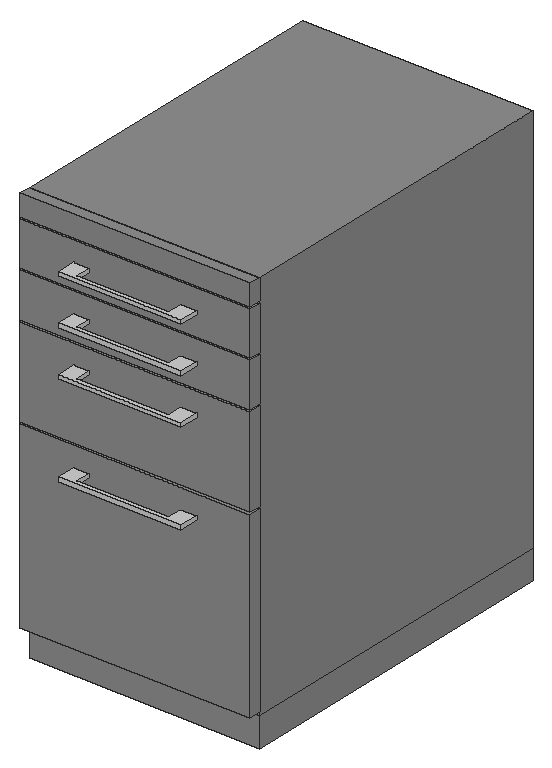
Revit family "Haworth_XSeries_Pedestal", category Furniture Systems, Revit 2019
Family settings
  Round Connector Dimension = Use Diameter
  Part Type = Normal
  OmniClass Number = 23.40.70.14.64.21
  OmniClass Title = Systems Furniture
  Work Plane-Based = No
  Always vertical = Yes
  Cut with Voids When Loaded = No
  Shared = No
  Room Calculation Point = No
Parameters (values of type "23d 15w 27h - Pencil Pencil Box File - Suspended")
  Warranty = "https://cdn.shopify.com/s/files/1/0561/5304/7249/files/Haworth_North_America_Online_Warranty_2022.pdf?v=1660247284"
  URL - Product = "https://www.haworth.com/na/en/products/active-storage/x-series.html"
  URL = "http://www.haworth.com/"
  Tug = no
  Total Drawer Height = Actual Height - 1 3/4" - 1 1/2" - 1/8"  # 24 1/8"
  Taper Pull = no
  Sustainability Info = "https://www.haworth.com/na/en/expertise/research/sustainability.html"
  Size = "Verify Final Dim. w/ Haworth"  # constant formula
  Revision Number = "5"  # constant formula
  Radius Pull = no
  Pull Finish = Haworth _ Metal _ Brushed Aluminum
  Plynth Base = yes
  Pencil Pencil Box File = yes
  Pencil Box File = no
  Model = "JPHQ-24"  # constant formula
  Min. Height = 21 1/2"  # constant formula
  Min. Depth = 17"  # constant formula
  Max. Depth = 29"  # constant formula
  Max. Height = 27 3/4"  # constant formula
  Manufacturer = "Haworth"  # constant formula
  Linear Pull = yes
  J Pull = no
  File File = no
  Ellipse Pull = no
  Drawer Finish [instance] = Haworth _ Paint _ Graphite
  Drawer 4 Height = 2 7/8"  # constant formula
  Drawer 3 Offset = if(Pencil Pencil Box File, 3 1/8", 1/8")  # 3 1/8"
  Drawer 3 Height = if(Box Box File, 5 7/8", 2 7/8")  # 2 7/8"
  Drawer 2 Height = if(File File, Drawer 1 Height, 5 7/8")  # 5 7/8"
  Drawer 1 Height = 11 7/8"  # constant formula
  Description = "Haworth XSeries Pedestal"  # constant formula
  Depth = 23"
  Custom Size = not(or(Depth = 17", Depth = 23", Depth = 29"))  # no
  Cushion Finish [instance] = Haworth _ Fabric _ Tellure _ Miami 3A-33
  Cushion = no
  Crescent Pull = no
  Classic Pull = no
  Casters = not(Plynth Base)  # no
  Cabinet Finish [instance] = Haworth _ Paint _ Graphite
  Box File = not(or(Pencil Box File, Box Box File, Pencil Pencil Box File, File File))  # no
  Box Box File = no
  Author = "Haworth (Hampton), SHAPE Environments, LLC"  # constant formula
  Assembly Code = "E2020200"
  Actual Width = 15"  # constant formula
  Actual Height = if(Box File, 21 1/2", if(Pencil Box File, 24 1/2", 27 1/2"))  # 27 1/2"
  Actual Depth = if(Depth < Min. Depth, Min. Depth, if(Depth > Max. Depth, Max. Depth, Depth))  # 23"
  4 Drawers = Pencil Pencil Box File  # yes
  3 Drawers = or(Pencil Box File, Box Box File, Pencil Pencil Box File)  # yes
  2 Drawers = or(Box File, File File, Pencil Box File, Box Box File, Pencil Pencil Box File)  # yes
  Standard Depths = "17, 23, 29 in"  # constant formula
  Standard Heights = if(Box File, "21.5 in.", if(Pencil Box File, "24.5 in.", "27.5 in."))  # "27.5 in."
Types (10): name | Total Drawer Height | Plynth Base | Pencil Pencil Box File | Pencil Box File | File File | Drawer 3 Offset | Drawer 3 Height | Drawer 2 Height | Cushion | Casters | Box File | Box Box File | Actual Height | 4 Drawers | 3 Drawers | Standard Heights
  23d 15w 27h - Pencil Pencil Box File - Mobile | 24 1/8" | no | yes | no | no | 3 1/8" | 2 7/8" | 5 7/8" | yes | yes | no | no | 27 1/2" | yes | yes | "27.5 in."
  23d 15w 21h - Box File - Mobile | 18 1/8" | no | no | no | no | 1/8" | 2 7/8" | 5 7/8" | yes | yes | yes | no | 21 1/2" | no | no | "21.5 in."
  23d 15w 24h - Pencil Box File - Mobile | 21 1/8" | no | no | yes | no | 1/8" | 2 7/8" | 5 7/8" | yes | yes | no | no | 24 1/2" | no | yes | "24.5 in."
  23d 15w 27h - Box Box File - Mobile | 24 1/8" | no | no | no | no | 1/8" | 5 7/8" | 5 7/8" | yes | yes | no | yes | 27 1/2" | no | yes | "27.5 in."
  23d 15w 27h - File File - Mobile | 24 1/8" | no | no | no | yes | 1/8" | 2 7/8" | 11 7/8" | yes | yes | no | no | 27 1/2" | no | no | "27.5 in."
  23d 15w 27h - Box Box File - Suspended | 24 1/8" | yes | no | no | no | 1/8" | 5 7/8" | 5 7/8" | no | no | no | yes | 27 1/2" | no | yes | "27.5 in."
  23d 15w 24h - Pencil Box File - Suspended | 21 1/8" | yes | no | yes | no | 1/8" | 2 7/8" | 5 7/8" | no | no | no | no | 24 1/2" | no | yes | "24.5 in."
  23d 15w 21h - Box File - Suspended | 18 1/8" | yes | no | no | no | 1/8" | 2 7/8" | 5 7/8" | no | no | yes | no | 21 1/2" | no | no | "21.5 in."
  23d 15w 27h - Pencil Pencil Box File - Suspended | 24 1/8" | yes | yes | no | no | 3 1/8" | 2 7/8" | 5 7/8" | no | no | no | no | 27 1/2" | yes | yes | "27.5 in."
  23d 15w 27h - File File - Suspended | 24 1/8" | yes | no | no | yes | 1/8" | 2 7/8" | 11 7/8" | no | no | no | no | 27 1/2" | no | no | "27.5 in."
Reference planes (in)
  plane 1 "Back": y = 0
  plane 2: z = 0
  plane 3 "Center L/R": x = 0
  plane 4 "Left": x = -7.5
  plane 5 "Right": x = 7.5
  plane 6 "Front": y = -23
  plane 7 "Back of Drawers": y = -22.25
  plane 8 "Base of Cabinet": z = 1.875
  plane 9 "Top": z = 27.5
  plane 10 "Bottom of Keyed": z = 26.125
  plane 11 "Back Caster": y = -1.75
  plane 12 "Left Caster": x = -5.25
  plane 13 "Right Caster": x = 5.25
  plane 14 "Front Caster": y = -20.5
  plane 15 "Center F/B": y = -11.5
  plane 16: y = -38.00051
  plane 17: through (-0.0519, -38.00051, -82.54467) normal (0, 0.4384, -0.8988)
  plane 18: y = -37.75051
  plane 19 "Tug Location": z = 26.8125
Forms (in)
  Extrusion 1, solid, material "Haworth _ Paint _ Graphite" <- "Cabinet Finish"
    sketch origin (0, 0, 0) x (1, 0, 0) y (0, 1, 0)
      loop
        line (-7.5, 0) -> (-7.5, -22.25) -> (7.5, -22.25) -> (7.5, 0) -> (-7.5, 0)
    from 1.875 to 27.5
  Extrusion 2, solid, material "Haworth _ Paint _ Graphite" <- "Drawer Finish"
    sketch origin (0, 0, 0) x (1, 0, 0) y (0, 1, 0)
      loop
        line (-7.5, -23) -> (7.5, -23) -> (7.5, -22.25) -> (-7.5, -22.25) -> (-7.5, -23)
    from 26.125 to 27.5
  Extrusion 3, solid, material "Haworth _ Paint _ Graphite" <- "Cabinet Finish", visible <- "Plynth Base"
    sketch origin (0, 0, 0) x (1, 0, 0) y (0, 1, 0)
      loop
        line (-7.5, 0) -> (-7.5, -22.25) -> (7.5, -22.25) -> (7.5, 0) -> (-7.5, 0)
    from 0 to 1.875
Lines and regions (in)
  Masking region 1
    outline origin (0, 0, 27.5) x (-1, 0, 0) y (0, -1, 0)
      loop
        line (7.5, 0) -> (7.5, 23) -> (-7.5, 23) -> (-7.5, 0) -> (7.5, 0)
Dimensions and locks (in)
  equal spacing: plane 4 "Left", plane 3 "Center L/R", plane 5 "Right"
  "Actual Width": plane 4 "Left" to plane 5 "Right"
  "Actual Depth": plane 1 "Back" to plane 6 "Front"
  locked: plane 7 "Back of Drawers" to plane 6 "Front" at 0.75
  locked: plane 8 "Base of Cabinet" to level at 1.875
  "Actual Height": plane 9 "Top" to level
  locked: plane 9 "Top" to plane 10 "Bottom of Keyed" at 1.375
  locked: plane 1 "Back" to plane 11 "Back Caster" at 1.75
  locked: plane 4 "Left" to plane 12 "Left Caster" at 2.25
  locked: plane 13 "Right Caster" to plane 5 "Right" at 2.25
  locked: plane 14 "Front Caster" to plane 7 "Back of Drawers" at 1.75
  equal spacing: plane 1 "Back", plane 15 "Center F/B", plane 6 "Front"
  equal spacing: plane 9 "Top", plane 19 "Tug Location", plane 10 "Bottom of Keyed"
  locked: nested 10 to nested 7 at 0.125
  locked: nested 7 to plane 8 "Base of Cabinet" at 0.25
  locked: plane 10 "Bottom of Keyed" to nested 8 at 0.125
  "Drawer 3 Offset": plane 10 "Bottom of Keyed" to nested 9
  aligned and locked: plane 4 "Left" to Extrusion 1 sketch curve
  aligned and locked: plane 1 "Back" to Extrusion 1 sketch curve
  aligned and locked: plane 7 "Back of Drawers" to Extrusion 1 sketch curve
  aligned and locked: plane 5 "Right" to Extrusion 1 sketch curve
  aligned and locked: plane 9 "Top" to Extrusion 1
  aligned and locked: Extrusion 1 to plane 8 "Base of Cabinet"
  aligned and locked: plane 4 "Left" to Extrusion 2 sketch curve
  aligned and locked: Extrusion 2 sketch curve to plane 6 "Front"
  aligned and locked: Extrusion 2 sketch curve to plane 5 "Right"
  aligned and locked: plane 7 "Back of Drawers" to Extrusion 2 sketch curve
  aligned and locked: plane 9 "Top" to Extrusion 2
  aligned and locked: Extrusion 2 to plane 10 "Bottom of Keyed"
  aligned and locked: plane 12 "Left Caster" to nested 1
  aligned and locked: nested 1 to plane 11 "Back Caster"
  aligned and locked: nested 2 to plane 13 "Right Caster"
  aligned and locked: plane 14 "Front Caster" to nested 4
  aligned and locked: plane 12 "Left Caster" to nested 3
  aligned and locked: nested 3 to plane 14 "Front Caster"
  aligned and locked: nested 4 to plane 13 "Right Caster"
  aligned and locked: plane 11 "Back Caster" to nested 2
  aligned: plane 3 "Center L/R" to nested 5
  aligned: nested 5 to plane 15 "Center F/B"
  aligned and locked: plane 3 "Center L/R" to nested 5
  aligned and locked: plane 15 "Center F/B" to nested 5
  aligned and locked: nested 5 to plane 9 "Top"
  aligned and locked: plane 5 "Right" to Extrusion 3 sketch curve
  aligned and locked: plane 7 "Back of Drawers" to Extrusion 3 sketch curve
  aligned and locked: plane 4 "Left" to Extrusion 3 sketch curve
  aligned and locked: plane 1 "Back" to Extrusion 3 sketch curve
  aligned and locked: plane 8 "Base of Cabinet" to Extrusion 3
  aligned and locked: plane 3 "Center L/R" to nested 6
  aligned and locked: nested 6 to plane 6 "Front"
  aligned and locked: plane 19 "Tug Location" to nested 6
  aligned and locked: plane 3 "Center L/R" to nested 7
  aligned: plane 8 "Base of Cabinet" to nested 7
  aligned and locked: nested 7 to plane 7 "Back of Drawers"
  aligned: plane 10 "Bottom of Keyed" to nested 8
  aligned and locked: nested 10 to plane 7 "Back of Drawers"
  aligned and locked: nested 9 to plane 7 "Back of Drawers"
  aligned and locked: nested 8 to plane 7 "Back of Drawers"
  aligned and locked: nested 5 to Masking region 1 sketch curve
  aligned and locked: Masking region 1 sketch curve to Extrusion 1
  aligned and locked: Extrusion 2 to Masking region 1 sketch curve
  aligned and locked: Masking region 1 sketch curve to nested 5
  aligned and locked: Extrusion 3 to plane 2
Nested families (in)
  nested 1: "Haworth_Caster" at (-5.25, -1.75, 0), visible <- "Casters", type "Caster"
  nested 2: "Haworth_Caster" at (5.25, -1.75, 0) x (-1, 0, 0) z (0, 0, 1), visible <- "Casters", type "Caster"
  nested 3: "Haworth_Caster" at (-5.25, -20.5, 0), visible <- "Casters", type "Caster"
  nested 4: "Haworth_Caster" at (5.25, -20.5, 0) x (-1, 0, 0) z (0, 0, 1), visible <- "Casters", type "Caster"
  nested 5: "Haworth_Cushion" at (0, -11.5, -3.5), visible <- "Cushion", type "Haworth_Cushion"
    with Actual Width 15", Actual Depth 23"
  nested 6: "Haworth Tug" at (0, -23, 26.8125), visible <- "Tug", type "Haworth Tug"
  nested 7: "Haworth_Drawer" at (0, -22.25, 2.125), Drawer Height <- "Drawer 1 Height", type "Haworth_Drawer"
    with J Pull Drawer no, Drawer Height 11 7/8", Pull Linear yes, Pull Height 1 7/16", Pull Ellipse no, Drawer Width 15"
  nested 8: "Haworth_Drawer" at (0, -22.25, 23.125), Drawer Height <- "Drawer 4 Height", visible <- "4 Drawers", type "Haworth_Drawer"
    with J Pull Drawer no, Drawer Height 2 7/8", Pull Linear yes, Pull Height 1 7/16", Pull Ellipse no, Drawer Width 15"
  nested 9: "Haworth_Drawer" at (0, -22.25, 20.125), Drawer Height <- "Drawer 3 Height", visible <- "3 Drawers", type "Haworth_Drawer"
    with J Pull Drawer no, Drawer Height 2 7/8", Pull Linear yes, Pull Height 1 7/16", Pull Ellipse no, Drawer Width 15"
  nested 10: "Haworth_Drawer" at (0, -22.25, 14.125), Drawer Height <- "Drawer 2 Height", visible <- "2 Drawers", type "Haworth_Drawer"
    with J Pull Drawer no, Drawer Height 5 7/8", Pull Linear yes, Pull Height 1 7/16", Pull Ellipse no, Drawer Width 15"
Definition of nested family "Haworth_Caster"
  Parameters
    Radius = 23/32"
    Height = 1 7/8"
    Center Radius = Radius - 1/8"  # 19/32"
    Assembly Code = ""
  Reference planes (in)
    plane 1 "Center (Front/Back)": y = 0
    plane 2: z = 0
    plane 3 "Center (Left/Right)": x = 0
  Forms (in)
    Extrusion 1, solid
      sketch origin (0, 0, -0.02118) x (0, 1, 0) y (0, 0, 1)
        loop
          circle (-0.48695, 0.73993) r 0.71875
      from 0.875 to 0.3125
    Extrusion 2, solid
      sketch origin (0, 0, -0.02118) x (0, 1, 0) y (0, 0, 1)
        loop
          circle (-0.48695, 0.73993) r 0.71875
      from -0.875 to -0.3125
    Extrusion 3, solid
      sketch origin (0, 0, 0) x (0, 1, 0) y (0, 0, 1)
        loop
          circle (-0.48695, 0.71875) r 0.59375
      from -0.3125 to 0.3125
    Extrusion 4, solid
      sketch origin (0, 0, 0) x (1, 0, 0) y (0, 1, 0)
        loop
          circle (0, 0) r 0.25
      from 0.71875 to 1.875
  Cuts and joins
    joined: Extrusion 3, Extrusion 4
  Dimensions and locks (in)
    plane 3 "Center (Left/Right)" to Extrusion 2 = 5/16"
    Extrusion 1 to plane 3 "Center (Left/Right)" = 7/8"
    "Height": cut or joined group of Extrusion 3, Extrusion 4 to level
    "Radius": Extrusion 1 sketch curve to level
    "Radius": Extrusion 2 sketch curve to level
    "Radius": Extrusion 3 sketch curve to level
    "Radius": cut or joined group of Extrusion 3, Extrusion 4 to level
    "Radius": radius of Extrusion 2 sketch curve
    "Radius": radius of Extrusion 1 sketch curve
    "Center Radius": radius of Extrusion 3 sketch curve
  Automatic sketch dimensions
    plane 1 "Center (Front/Back)" to Extrusion 1 sketch curve = 0.48695"
    plane 1 "Center (Front/Back)" to Extrusion 2 sketch curve = 0.48695"
    plane 1 "Center (Front/Back)" to Extrusion 3 sketch curve = 0.48695"
    plane 1 "Center (Front/Back)" to Extrusion 4 sketch curve = 0"
    Extrusion 4 sketch curve to plane 3 "Center (Left/Right)" = 0"
    radius of Extrusion 4 sketch curve = 1/4"
Definition of nested family "Haworth_Cushion"
  Parameters
    Warranty = ""
    URL - Product = ""
    URL = "www.haworth.com"
    Cushion Thickness = 3/4"
    Sustainability Info = ""
    Size = "Verify Final Dim. w/ Haworth"  # constant formula
    Revision Number = "1"  # constant formula
    OmniClass Number = "23.40.70.14"  # constant formula
    Mounting Offset [instance] = 31"
    Min/Max Width = "30 or 36 in."  # constant formula
    Min/Max Depth = "18 or 24 in."  # constant formula
    Material Options = ""
    Manufacturer = "Haworth"  # constant formula
    LEED Data = ""
    Storage Top Finish = none
    Author = "SHAPE Environments, LLC"  # constant formula
    Assembly Code = "E2020200"
    Actual Width = 14 3/4"
    Actual Depth = 21 3/4"
  Reference planes (in)
    plane 1 "Storage Top Center F/B": y = 0
    plane 2: z = 0
    plane 3 "Storage Top Center L/R": x = 0
    plane 4 "Left": x = -7.375
    plane 5 "Back": y = 10.875
    plane 6 "Front": y = -10.875
    plane 7 "Right": x = 7.375
    plane 8 "Top": z = 31.75
    plane 9 "Bottom": z = 31
  Forms (in)
    Extrusion 1, solid, material <- "Storage Top Finish"
      sketch origin (-36.03948, -180, 31) x (-1, 0, 0) y (0, -1, 0)
        loop
          arc (-29.16448, -190.875) -> (-28.81093, -190.72855) -> (-28.66448, -190.375) r 0.5
          line (-28.66448, -190.375) -> (-28.66448, -169.625)
          arc (-28.66448, -169.625) -> (-28.81093, -169.27145) -> (-29.16448, -169.125) r 0.5
          line (-29.16448, -169.125) -> (-42.91448, -169.125)
          arc (-42.91448, -169.125) -> (-43.26804, -169.27145) -> (-43.41448, -169.625) r 0.5
          line (-43.41448, -169.625) -> (-43.41448, -190.375)
          arc (-43.41448, -190.375) -> (-43.26804, -190.72855) -> (-42.91448, -190.875) r 0.5
          line (-42.91448, -190.875) -> (-29.16448, -190.875)
      from 0 to 0.75
  Dimensions and locks (in)
    equal spacing: plane 5 "Back", plane 1 "Storage Top Center F/B", plane 6 "Front"
    "Actual Depth": plane 5 "Back" to plane 6 "Front"
    equal spacing: plane 4 "Left", plane 3 "Storage Top Center L/R", plane 7 "Right"
    "Actual Width": plane 4 "Left" to plane 7 "Right"
    "Mounting Offset": plane 9 "Bottom" to level
    "Cushion Thickness": plane 8 "Top" to plane 9 "Bottom"
    aligned and locked: plane 5 "Back" to Extrusion 1 sketch curve
    aligned and locked: plane 7 "Right" to Extrusion 1 sketch curve
    aligned and locked: plane 6 "Front" to Extrusion 1 sketch curve
    aligned and locked: plane 4 "Left" to Extrusion 1 sketch curve
    aligned and locked: plane 8 "Top" to Extrusion 1
    aligned and locked: Extrusion 1 to plane 5 "Back"
    aligned and locked: Extrusion 1 to plane 9 "Bottom"
  Automatic sketch dimensions
    plane 7 "Right" to Extrusion 1 sketch curve = 1/2"  (x2)
    plane 4 "Left" to Extrusion 1 sketch curve = 1/2"  (x2)
Definition of nested family "Haworth Tug"
  Parameters
    Tug Material = none
  Reference planes (in)
    plane 1 "Center (Front/Back)": y = 0
    plane 2: z = 0
    plane 3 "Center (Left/Right)": x = 0
  Forms (in)
    Sweep 1, solid, material <- "Tug Material"
      path in 3D
        loop
          line (4, 0, 0) -> (4, -0.625, 0) -> (4, -1.75, 1.13089) -> (-4, -1.75, 1.13089) -> (-4, -0.625, 0) -> (-4, 0, 0)
      profile origin (-4, -0.3125, 0) x (-1, 0, 0) y (0, 0, 1)
        loop
          circle (0, 0) r 0.1875
  Lines and regions (in)
    sketch lines
      curve 1: line (-4, -0.625, 0) -> (-4, 0, 0)
      curve 2: line (-4, -1.75, 1.13089) -> (-4, -0.625, 0)
      curve 3: line (-4, -1.75, 1.13089) -> (4, -1.75, 1.13089)
      curve 4: line (4, -0.625, 0) -> (4, -1.75, 1.13089)
      curve 5: line (4, 0, 0) -> (4, -0.625, 0)
Definition of nested family "Haworth_Drawer"
  Parameters
    Pull Taper = no
    Pull Radius = no
    Pull Patterns = no
    Pull Linear = no
    Pull Height = if(Pull Ellipse, 11/64", if(Pull Radius, 1 3/16", if(Pull Taper, 3/4", 1 7/16")))  # 11/64"
    Pull Finish = none
    Pull Ellipse = yes
    Pull Crescent = no
    Pull Classic = no
    J Pull Drawer [instance] = J Pull  # no
    J Pull = no
    Integral Pull Location = if(Integral Pull, 3 5/8", 1")  # 1"
    Integral Pull = no
    Front Finish = none
    Drawer Width = 14 7/8"
    Flush Drawer = not(J Pull)  # yes
    Drawer Height [instance] = 12"
    Drawer Finish = none
    Assembly Code = ""
  Reference planes (in)
    plane 1 "Drawer Back": y = 0
    plane 2: z = 0
    plane 3 "Center L/R": x = 0
    plane 4 "Drawer Front": y = -0.75
    plane 5 "Left": x = -7.4375
    plane 6 "Right": x = 7.4375
    plane 7 "Top": z = 12
    plane 8: y = -4
    plane 9: y = -3
    plane 10 "Integral Top": z = 11.54688
    plane 11 "Pull Location": z = 11.82813
    plane 12 "Integral Bottom": z = 12.10937
  Forms (in)
    Extrusion 1, solid, material <- "Drawer Finish", visible <- "J Pull Drawer"
      sketch origin (-7.4375, 0, 0) x (0, 1, 0) y (0, 0, 1)
        loop
          line (0, 12) -> (-0.25, 12) -> (-0.25, 11.4375) -> (-0.75, 11.4375) -> (-0.75, 0) -> (0, 0) -> (0, 12)
      from 0 to 14.875
    Extrusion 2, solid, material <- "Drawer Finish", visible <- "Flush Drawer"
      sketch origin (-7.4375, 0, 2.25) x (0, 1, 0) y (0, 0, 1)
        loop
          line (0, 9.75) -> (-0.75, 9.75) -> (-0.75, -2.25) -> (0, -2.25) -> (0, 9.75)
      from 0 to 14.875
    Extrusion 3, void
      sketch origin (0, -0.75, 0) x (-1, 0, 0) y (0, 0, 1)
        loop
          line (4, 11.54688) -> (4, 12.10937) -> (-4, 12.10937) -> (-4, 11.54688) -> (4, 11.54688)
      from -3.25 to -2.25
  Cuts and joins
    Extrusion 3 cuts Extrusion 1
    Extrusion 3 cuts Extrusion 2
  Dimensions and locks (in)
    equal spacing: plane 5 "Left", plane 3 "Center L/R", plane 6 "Right"
    "Drawer Width": plane 5 "Left" to plane 6 "Right"
    locked: plane 1 "Drawer Back" to plane 4 "Drawer Front" at 0.75
    "Drawer Height": plane 7 "Top" to level
    locked: plane 8 to plane 1 "Drawer Back" at 4
    "Integral Pull Location": plane 8 to plane 9
    equal spacing: Extrusion 3 sketch curve, plane 3 "Center L/R", Extrusion 3 sketch curve
    locked: Extrusion 3 sketch curve to Extrusion 3 sketch curve at 8
    "Pull Height": plane 7 "Top" to plane 11 "Pull Location"
    equal spacing: plane 12 "Integral Bottom", plane 11 "Pull Location", plane 10 "Integral Top"
    locked: plane 12 "Integral Bottom" to plane 10 "Integral Top" at 0.5625
    aligned and locked: Extrusion 1 sketch curve to plane 1 "Drawer Back"
    aligned and locked: Extrusion 1 sketch curve to plane 2
    aligned and locked: Extrusion 1 sketch curve to plane 4 "Drawer Front"
    aligned and locked: Extrusion 1 to plane 6 "Right"
    aligned and locked: Extrusion 2 to plane 6 "Right"
    aligned and locked: plane 1 "Drawer Back" to Extrusion 2 sketch curve
    aligned and locked: plane 7 "Top" to Extrusion 2 sketch curve
    aligned and locked: level to Extrusion 2 sketch curve
    aligned and locked: Extrusion 2 sketch curve to plane 4 "Drawer Front"
    aligned: plane 7 "Top" to nested 1
    aligned: Extrusion 3 to plane 8
    aligned: plane 9 to Extrusion 3
    aligned and locked: nested 1 to plane 4 "Drawer Front"
    aligned and locked: plane 12 "Integral Bottom" to Extrusion 3 sketch curve
    aligned and locked: nested 1 to plane 11 "Pull Location"
    aligned and locked: plane 3 "Center L/R" to nested 1
    aligned and locked: plane 9 to Extrusion 3
  Automatic sketch dimensions
    Extrusion 1 sketch curve to plane 7 "Top" = 0"
    plane 1 "Drawer Back" to Extrusion 1 sketch curve = 1/4"
    Extrusion 1 sketch curve to Extrusion 1 sketch curve = 9/16"
    Extrusion 3 sketch curve to plane 10 "Integral Top" = 0"
  Nested families (in)
    nested 1: "Haworth_Drawer-Pulls" at (0, -0.75, 11.82813), type "Pull", detail levels medium+fine
      with Linear no, Ellipse yes
  Definition of nested family "Haworth_Drawer-Pulls"
    Parameters
      Taper = no
      Radius = no
      Patterns = no
      Linear = yes
      Handle Finish = none
      Ellipse = no
      Cresent = no
      Classic = no
      Assembly Code = ""
    Reference planes (in)
      plane 1 "Center Front/Back": y = 0
      plane 2: z = 0
      plane 3 "Center Left/Right": x = 0
    Forms (in)
      Extrusion 1, solid, material <- "Handle Finish", visible <- "Ellipse"
        sketch origin (0, 0, 0.15915) x (0, 1, 0) y (0, 0, 1)
          loop
            arc (-0.03015, 0) -> (-0.26713, -0.02983) -> (-0.49038, -0.11475) r 1.00501
            arc (-0.49038, -0.11475) -> (-0.65216, -0.22112) -> (-0.78985, -0.35725) r 0.97894
            arc (-0.78985, -0.35725) -> (-0.87314, -0.47263) -> (-0.94033, -0.59807) r 1.0667
            arc (-0.94033, -0.59807) -> (-0.90977, -0.66145) -> (-0.84562, -0.63254) r 0.05041
            arc (-0.84562, -0.63254) -> (-0.67669, -0.39049) -> (-0.44702, -0.20509) r 1.04885
            arc (-0.44702, -0.20509) -> (-0.35012, -0.16094) -> (-0.24858, -0.12892) r 0.8735
            arc (-0.24858, -0.12892) -> (-0.16053, -0.15188) -> (-0.11419, -0.23018) r 0.11948
            arc (-0.11419, -0.23018) -> (-0.0664, -0.27738) -> (0, -0.26729) r 0.07488
            line (0, -0.26729) -> (0, -0.05102) -> (-0.03015, 0)
        from -6.51863 to 6.51698
      Extrusion 2, void
        sketch origin (0, 0, 0.15915) x (1, 0, 0) y (0, 1, 0)
          loop
            line (-6.49996, 0) -> (-6.67266, 0) -> (-6.67266, -1.11616) -> (6.67266, -1.11616) -> (6.67266, 0) -> (6.49996, 0)
            arc (6.49996, 0) -> (6.46575, -0.17809) -> (6.37201, -0.33332) r 0.51574
            arc (6.37201, -0.33332) -> (6.23583, -0.44508) -> (6.07096, -0.50713) r 0.54076
            arc (6.07096, -0.50713) -> (4.5721, -0.7479) -> (3.05951, -0.87689) r 20.46435
            arc (3.05951, -0.87689) -> (0, -0.95029) -> (-3.05951, -0.87689) r 63.79827
            arc (-3.05951, -0.87689) -> (-4.5721, -0.7479) -> (-6.07096, -0.50713) r 20.46435
            arc (-6.07096, -0.50713) -> (-6.23583, -0.44508) -> (-6.37201, -0.33332) r 0.54076
            arc (-6.37201, -0.33332) -> (-6.46575, -0.17809) -> (-6.49996, 0) r 0.51574
        from 0 to -0.90865
      Blend 3, solid, material <- "Handle Finish", visible <- "Radius"
        base sketch origin (0, 0, 0.3125) x (0, 1, 0) y (0, 0, -1)
          loop
            line (0, 0) -> (0, 0.625) -> (-0.40339, 0.625)
            arc (-0.40339, 0.625) -> (-0.71589, 0.3125) -> (-0.40339, 0) r 0.3125
            line (-0.40339, 0) -> (0, 0)
        top sketch origin (0, 0, 0.3125) x (0, 1, 0) y (0, 0, -1)
          loop
            line (0, 0) -> (0, 0.625) -> (-0.77884, 0.625)
            arc (-0.77884, 0.625) -> (-1.09134, 0.3125) -> (-0.77884, 0) r 0.3125
            line (-0.77884, 0) -> (0, 0)
        from -4.875 to -3.625
      Sweep 4, solid, material <- "Handle Finish", visible <- "Radius"
        path origin (0, 0, 0) x (1, 0, 0) y (0, 1, 0)
          loop
            arc (-4.875, -0.71589) -> (0, -1.5425) -> (4.875, -0.71589) r 14.78881
        profile origin (0, -1.5425, 0) x (0, 1, 0) y (0, 0, 1)
          loop
            circle (0.3125, 0) r 0.30469
      Extrusion 5, solid, material <- "Handle Finish", visible <- "Taper"
        sketch origin (0, 0, 0.27281) x (0, 1, 0) y (0, 0, 1)
          loop
            line (0, 0) -> (-0.875, 0)
            arc (-0.875, 0) -> (-0.96339, -0.03661) -> (-1, -0.125) r 0.125
            line (-1, -0.125) -> (-1, -0.7) -> (-0.96886, -0.7) -> (-0.96886, -0.1251)
            arc (-0.96886, -0.1251) -> (-0.94137, -0.05874) -> (-0.875, -0.03125) r 0.09386
            line (-0.875, -0.03125) -> (-0.03125, -0.03125) -> (-0.03125, -0.53) -> (0, -0.53) -> (0, 0)
        from -6.5565 to 6.5565
      Extrusion 6, void
        sketch origin (0, 0, 0.27281) x (1, 0, 0) y (0, 0, 1)
          loop
            arc (-5.23353, -0.7191) -> (-5.99714, -0.52453) -> (-6.57454, 0.01172) r 1.59575
            line (-6.57454, 0.01172) -> (-6.85981, 0.01172) -> (-6.85981, -1) -> (6.85981, -1) -> (6.85981, 0.01172) -> (6.57454, 0.01172)
            arc (6.57454, 0.01172) -> (5.99714, -0.52453) -> (5.23353, -0.7191) r 1.59575
            line (5.23353, -0.7191) -> (-5.23353, -0.7191)
        from 0 to 2.20115
      Sweep 7, solid, material <- "Handle Finish", visible <- "Cresent"
        path origin (0, 0, 0.125) x (1, 0, 0) y (0, 1, 0)
          loop
            arc (-3.80272, 0.04) -> (0, -1.24998) -> (3.80273, 0.04) r 6.25
        profile origin (0, -1.24998, 0.125) x (0, 1, 0) y (0, 0, 1)
          loop
            circle (0.125, -0.125) r 0.125
      Extrusion 8, void
        sketch origin (0, 0, 0.125) x (1, 0, 0) y (0, 1, 0)
          loop
            line (-3.94545, 0) -> (3.94399, 0) -> (3.94399, 0.32073) -> (-3.94545, 0.32073) -> (-3.94545, 0)
        from 0.03472 to -0.28458
      Extrusion 9, solid, material <- "Handle Finish", visible <- "Linear"
        sketch origin (0, 0, 0.125) x (1, 0, 0) y (0, 1, 0)
          loop
            line (-4, 0) -> (-4, -1.25) -> (4, -1.25) -> (4, 0) -> (3, 0) -> (3, -1) -> (-3, -1) -> (-3, 0) -> (-4, 0)
        from 0 to -0.25
      Extrusion 10, solid, material <- "Handle Finish", visible <- "Classic"
        sketch origin (0, 0, 0.375) x (1, 0, 0) y (0, 0, 1)
          loop
            line (-3.375, 0) -> (-3.375, -0.75)
            arc (-3.375, -0.75) -> (-3, -0.375) -> (-3.375, 0) r 0.375
        from 0 to 1
      Extrusion 11, solid, material <- "Handle Finish", visible <- "Classic"
        sketch origin (0, 0, 0.375) x (-1, 0, 0) y (0, 0, -1)
          loop
            arc (-3.375, 0) -> (-3, 0.375) -> (-3.375, 0.75) r 0.375
            line (-3.375, 0.75) -> (-3.375, 0)
        from 0 to 1
      Extrusion 12, solid, material <- "Handle Finish", visible <- "Classic"
        sketch origin (0, 0, 0.375) x (1, 0, 0) y (0, 0, 1)
          loop
            line (-3.375, 0) -> (-3.375, -0.75) -> (3.375, -0.75) -> (3.375, 0) -> (-3.375, 0)
        from 1 to 1.25
      Blend 13, solid, material <- "Handle Finish", visible <- "Radius"
        base sketch origin (0, 0, 0.3125) x (0, 1, 0) y (0, 0, 1)
          loop
            line (0, 0) -> (-0.40339, 0)
            arc (-0.40339, 0) -> (-0.71589, -0.3125) -> (-0.40339, -0.625) r 0.3125
            line (-0.40339, -0.625) -> (0, -0.625) -> (0, 0)
        top sketch origin (0, 0, 0.3125) x (0, 1, 0) y (0, 0, 1)
          loop
            line (0, 0) -> (-0.77884, 0)
            arc (-0.77884, 0) -> (-1.09134, -0.3125) -> (-0.77884, -0.625) r 0.3125
            line (-0.77884, -0.625) -> (0, -0.625) -> (0, 0)
        from -4.875 to -3.625
      Extrusion 14, solid, material <- "Handle Finish", visible <- "Patterns"
        sketch origin (0, 0, 0.27281) x (0, 1, 0) y (0, 0, 1)
          loop
            line (0, 0) -> (-0.875, 0)
            arc (-0.875, 0) -> (-0.96339, -0.03661) -> (-1, -0.125) r 0.125
            line (-1, -0.125) -> (-1, -0.7) -> (-0.96886, -0.7) -> (-0.96886, -0.1251)
            arc (-0.96886, -0.1251) -> (-0.94137, -0.05874) -> (-0.875, -0.03125) r 0.09386
            line (-0.875, -0.03125) -> (-0.03125, -0.03125) -> (-0.03125, -0.53) -> (0, -0.53) -> (0, 0)
        from -4 to 4
    Cuts and joins
      Extrusion 2 cuts Extrusion 1
      joined: Extrusion 10, Extrusion 11, Extrusion 12
      Extrusion 6 cuts Extrusion 5
      Extrusion 8 cuts Sweep 7
      joined: Blend 3, Sweep 4, Blend 13
